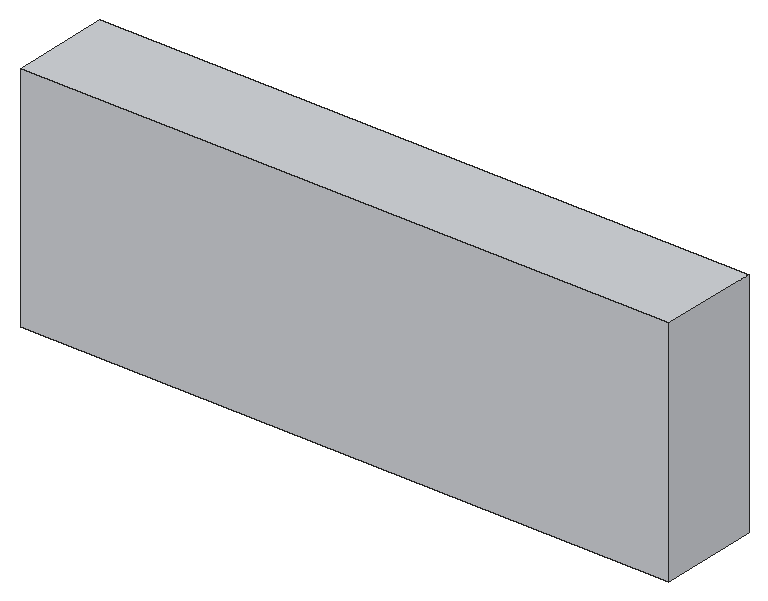
Revit family "Sollbohrzone", category Allgemeines Modell, Revit 2021
Family settings
  Kann Basisbauteil für Bewehrung sein = Nein
  Bemaßung runder Anschluss = Durchmesser verwenden
  Teiletyp = Normal
  Arbeitsebenenbasiert = Ja
  Immer vertikal = Ja
  Beim Laden mit Abzugskörper schneiden = Nein
  Gemeinsam genutzt = Nein
  Raumberechnungspunkt = Ja
Parameters
  Default Elevation = 1219.2 mm
  Tiefe [instance] = 107.028 mm
  Hoehe [instance] = 250 mm
  Breite [instance] = 700 mm
  B_ [instance] = Breite / 2  # 350 mm
Reference planes
  plane 1 "Mitte (Vorne/hinten)": y = 0
  plane 2: z = 0
  plane 3 "Mitte (Links/rechts)": x = 0
  plane 4: x = -350
  plane 5: x = 350
  plane 6: y = 107.028
Forms (mm)
  Extrusion 1, solid
    sketch origin (0, 0, 0) x (1, 0, 0) y (0, 1, 0)
      loop
        line (-350, 107.028) -> (-350, 0) -> (350, 0) -> (350, 107.028) -> (-350, 107.028)
    from 0 to 250 <- "Hoehe"
Text (mm)
  text "INNEN" at (-898.768, -385.752, 0), in view "Referenzebene"
Dimensions and locks
  "B_": plane 4 to plane 3 "Mitte (Links/rechts)"
  "Breite": plane 4 to plane 5
  "Tiefe": plane 1 "Mitte (Vorne/hinten)" to plane 6
  aligned and locked: level to plane 2
  aligned and locked: Extrusion 1 sketch curve to plane 6
  aligned and locked: plane 4 to Extrusion 1 sketch curve
  aligned and locked: Extrusion 1 sketch curve to plane 1 "Mitte (Vorne/hinten)"
  aligned and locked: Extrusion 1 sketch curve to plane 5
